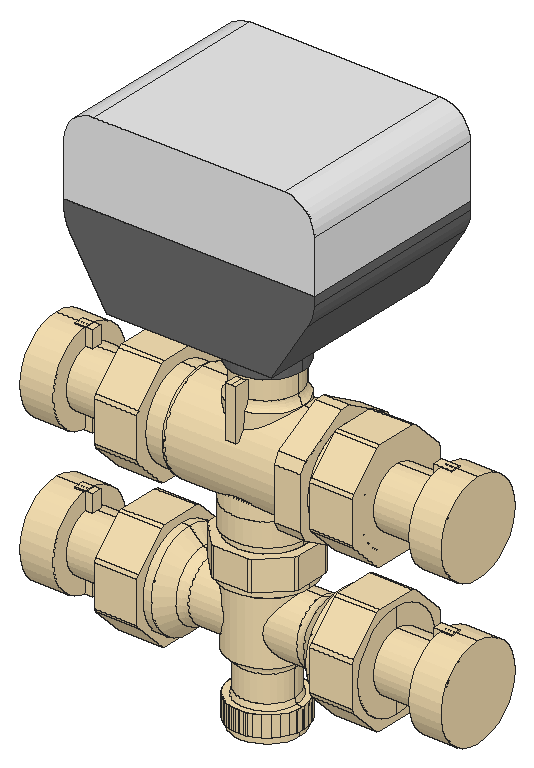
Revit family "2", category Pipe Accessories, Revit 2018
Family settings
  Round Connector Dimension = Use Diameter
  Part Type = Normal
  OmniClass Number = 23.65.00.00
  OmniClass Title = Supply and Distribution of Liquids and Gases
  Work Plane-Based = No
  Always vertical = No
  Cut with Voids When Loaded = No
  Shared = No
Parameters (values of type "1" - 3 ways By- Pass")
  Youtube clip = ""
  Weight Net (Kg) = "0"  # constant formula
  Voltage [instance] = 230 V
  Uniformat II Description = "HVAC"  # constant formula
  Uniformat II Code = "D30"  # constant formula
  Uniclass 2015 Name = "Heating, cooling and refrigeration systems"  # constant formula
  Uniclass 2015 Code = "Ss_60"  # constant formula
  Uniclass 2.0 Description = "Valves"  # constant formula
  Uniclass 2.0 Code = "PR-94"  # constant formula
  Uniclass 1.4 Description = "Valves"  # constant formula
  Uniclass 1.4 Code = "L7136"  # constant formula
  URL = "www.pintossi.it"
  UNSPSC Code = "401416"  # constant formula
  Torque = 800 mm  # constant formula
  Technical description = ""
  Rotation angle = "-10÷55°C"  # constant formula
  Region South America = "All"  # constant formula
  Region Oceania = "All"  # constant formula
  Region North America = "All"  # constant formula
  Region Middle East = "All"  # constant formula
  Region Europe = "All"  # constant formula
  Region Asia = "All"  # constant formula
  Region Antarctica = "All"  # constant formula
  Region Africa = "All"  # constant formula
  Radius outer = 15.568 mm
  Radius Outer 2 = 10 mm
  Radius [instance] = [Main Inlet/Outlet Diameter] / 2  # 12.7 mm
  QR code = ""
  Protection level = 90.00°  # constant formula
  Product url = ""
  Product group = "BALL ZONE VALVES"  # constant formula
  Product family = "ZONE VALVES"  # constant formula
  Product data url = "https://www.bimobject.com/pintossi/product/774-3-ways-ball-zone-valves-with-by-pass"
  Product certification = ""
  Product SKU = "774-3-WAYS-BALL-ZONE-VALVES-WITH-BY-PASS"  # constant formula
  Product Guid = "06f1bc2d-d4c5-47b8-9d1a-1f7f8913daef"  # constant formula
  PH: = "Between 7 and 8Between 7 and 8"  # constant formula
  OmniClass Description = "Valves"  # constant formula
  OmniClass Code = "23-27 31 00"  # constant formula
  NBS Reference Description = "Valves"  # constant formula
  NBS Reference Code = "94"  # constant formula
  Motorized [instance] = yes
  Model = "1\" - 3 ways By- Pass"
  Maximum working temperature = 110 °C  # constant formula
  Maximum working pressure = 10.0 bar  # constant formula
  Maximum percentage of glycol [%] = 30  # constant formula
  Material secondary = ""
  Material main = "Brass"  # constant formula
  Material White = Pintossi - Plastic - ABS
  Material Body = Pintossi - Metal - Brass CW617N
  Material Black = Pintossi - Plastic - Black ABS
  Masterformat 2014 Description = "Heatong , Ventilating, and Air Conditioning (HVAC)"  # constant formula
  Masterformat 2014 Code = "23 00 00"  # constant formula
  Manufacturer name = "Pintossi+C"  # constant formula
  Manufacturer country = "Italy"  # constant formula
  Manufacturer = "Pintossi+C"  # constant formula
  Main Inlet/Outlet Diameter = 25.4 mm
  Length 2 = 60.424 mm
  Length 1 = 71.5 mm
  Iron (FE): = "< 0,5 mg/kg (< 0,1 mg/kg for steam)"  # constant formula
  Installation instructions = ""
  IFC Classification = "Valve"  # constant formula
  Fluid aspect: = "Limpid"  # constant formula
  Edition number = 0
  EAN code = ""
  Design country = "Italy"  # constant formula
  Description = "Pintossi+C motorized zone valves are the perfect solution to be used when a thermal regulation divided in more enviroments is needed, connecting the valve to a room thermostat, giving the information of opening/closing, depending on the set temperature.\r\n\r\nPintossi+C zone valves garantuee high performance levels: reduced dimensions and ease of use during installation allow to automatically intercept the fluid in hydraulic water systems and zone heating systems.\r\n\r\nBesides the valve is equipped with APS (Anti-locking Pintossi System) a unique patented mechanism which prevent the opening and closing operation locking caused by dirt and limescale.\r\n\r\n3 ways motorized zone valve with by-pass tee can be used in traditional heating system together with coplanar manifolds without the need to install by-pass valve. The interaxis of the by pass connection can be adjust from 50mm to 60mm.\r\n\r\nAll the valves are equipped with pipe unions for an easy installation.\r\n\r\nMain features:\r\n\r\n- No seepage\r\n\r\n- Short opening and closing times\r\n\r\n- Operational capacity with high differential pressures\r\n\r\n- Low head losses thanks to the full bore flow\r\n\r\n- Match with any type of 3-contact controls\r\n\r\nThe valve can be easily motorized using Pintossi+C actuator art.770 that can be used even with manual option."  # constant formula
  Date of publishing = ""
  Copper (CU): = "< 0,1 mg/kg (< 0,05 mg/kg for steam)"  # constant formula
  Connector electrical [instance] = if(Motorized, "Motorized electrical", "Not Available")  # "Motorized electrical"
  Conditioning: = "as indicated by the producer"  # constant formula
  COBIe Type Category = ""
  C = 143 mm
  Brand url = "www.pintossi.it"
  BIMobject category = "HVAC: Other HVAC"  # constant formula
  Application fluids = "Water or glycol solutions"  # constant formula
  Antifreeze: = "Passiveted Propylene Glycol"  # constant formula
  1" = yes
Types (2, lengths in mm): name | Radius Outer 2 | Radius | Model | Main Inlet/Outlet Diameter | Length 2 | Length 1 | C | 1"
  3/4" - 3 ways By- Pass | 12 | 9.55 | "3/4\" - 3 ways By- Pass" | 19.1 | 66.5 | 66.5 | 133 | no
  1" - 3 ways By- Pass | 10 | 12.7 | "1\" - 3 ways By- Pass" | 25.4 | 60.424 | 71.5 | 143 | yes
Reference planes
  plane 1 "Center (Front/Back)": y = 0
  plane 2: z = 0
  plane 3 "Center (Left/Right)": x = 0
  plane 4: x = -71.5
  plane 5: x = -60.424
  plane 6: x = 71.5
  plane 7: x = 60.424
  plane 8: z = 84.5
  plane 9: z = 34.5
  plane 10: z = 124.5
  plane 11: z = 100.068
Forms (mm)
  Extrusion 1, solid, material "Pintossi - Metal - Brass CW617N" <- "Material Body", detail levels fine
    sketch origin (0, 0, 0) x (0, 1, 0) y (0, 0, 1)
      loop
        line (1.755, 105.432) -> (-1.755, 105.432) -> (-17.167, 96.534) -> (-19.021, 93.28) -> (-19.021, 75.597) -> (-17.246, 72.523) -> (-1.754, 63.579) -> (1.754, 63.579) -> (17.246, 72.523) -> (19, 75.561) -> (19, 93.482) -> (17.167, 96.534) -> (1.755, 105.432)
    from 17.751 to 26.674
  Extrusion 2, solid, material "Pintossi - Metal - Brass CW617N" <- "Material Body", detail levels fine
    sketch origin (0, 0, 50) x (0, 1, 0) y (0, 0, 1)
      loop
        line (18.5, 27.591) -> (18.5, 41.42) -> (17.971, 42.698) -> (8.192, 52.477) -> (6.915, 53.006) -> (-6.915, 53.006) -> (-8.192, 52.477) -> (-17.971, 42.698) -> (-18.5, 41.42) -> (-18.5, 27.591) -> (-17.971, 26.314) -> (-8.192, 16.535) -> (-6.915, 16.006) -> (6.915, 16.006) -> (8.192, 16.535) -> (17.993, 26.335) -> (18.5, 27.591)
    from 29.358 to 43.837
  Extrusion 3, solid, material "Pintossi - Metal - Brass CW617N" <- "Material Body", detail levels fine
    sketch origin (0, 0, 50) x (0, 1, 0) y (0, 0, -1)
      loop
        line (18.5, -27.591) -> (17.993, -26.335) -> (8.192, -16.535) -> (6.915, -16.006) -> (-6.915, -16.006) -> (-8.192, -16.535) -> (-17.971, -26.314) -> (-18.5, -27.591) -> (-18.5, -41.42) -> (-17.971, -42.698) -> (-8.192, -52.477) -> (-6.915, -53.006) -> (6.915, -53.006) -> (8.192, -52.477) -> (17.971, -42.698) -> (18.5, -41.42) -> (18.5, -27.591)
    from 29.358 to 43.837
  Revolve 4, solid, material "Pintossi - Metal - Brass CW617N" <- "Material Body", detail levels fine
    sketch origin (0, 0, 0) x (1, 0, 0) y (0, 0, 1)
      loop
        arc (-21.861, 100.961) -> (-22.769, 100.585) -> (-23.145, 99.677) r 1.283
        line (-23.145, 99.677) -> (-42.881, 99.677)
        arc (-42.881, 99.677) -> (-43.599, 99.38) -> (-43.897, 98.662) r 1.016
        line (-43.897, 98.662) -> (-43.897, 84.5) -> (43.805, 84.5) -> (43.805, 99.677) -> (28.35, 99.677) -> (26.674, 100.961) -> (17.751, 100.961) -> (-21.861, 100.961)
      axis (-43.897, 84.5) -> (43.805, 84.5)
    angle from 0 to 360
  Extrusion 5, solid, material "Pintossi - Metal - Brass CW617N" <- "Material Body", detail levels fine
    sketch origin (0, 0, 0) x (0, 1, 0) y (0, 0, 1)
      loop
        line (18.5, 27.591) -> (18.5, 41.42) -> (17.971, 42.698) -> (8.192, 52.477) -> (6.915, 53.006) -> (-6.915, 53.006) -> (-8.192, 52.477) -> (-17.971, 42.698) -> (-18.5, 41.42) -> (-18.5, 27.591) -> (-17.971, 26.314) -> (-8.192, 16.535) -> (-6.915, 16.006) -> (6.915, 16.006) -> (8.192, 16.535) -> (17.993, 26.335) -> (18.5, 27.591)
    from 29.358 to 43.837
  Extrusion 6, solid, material "Pintossi - Metal - Brass CW617N" <- "Material Body", detail levels fine
    sketch origin (0, 0, 0) x (0, 1, 0) y (0, 0, -1)
      loop
        line (18.5, -27.591) -> (17.993, -26.335) -> (8.192, -16.535) -> (6.915, -16.006) -> (-6.915, -16.006) -> (-8.192, -16.535) -> (-17.971, -26.314) -> (-18.5, -27.591) -> (-18.5, -41.42) -> (-17.971, -42.698) -> (-8.192, -52.477) -> (-6.915, -53.006) -> (6.915, -53.006) -> (8.192, -52.477) -> (17.971, -42.698) -> (18.5, -41.42) -> (18.5, -27.591)
    from 29.358 to 43.837
  Revolve 7, solid, material "Pintossi - Metal - Brass CW617N" <- "Material Body", detail levels fine
    sketch origin (0, 0, -50) x (1, 0, 0) y (0, 0, 1)
      loop
        line (-43.837, 100.835) -> (-43.837, 84.5) -> (43.837, 84.5) -> (43.837, 100.835) -> (26.27, 100.835) -> (21.781, 96.346)
        arc (21.781, 96.346) -> (20.173, 95.442) -> (18.355, 95.128) r 5.43
        line (18.355, 95.128) -> (0, 95.128) -> (-18.355, 95.128)
        arc (-18.355, 95.128) -> (-20.173, 95.442) -> (-21.781, 96.346) r 5.43
        line (-21.781, 96.346) -> (-26.27, 100.835) -> (-43.837, 100.835)
      axis (-43.837, 84.5) -> (43.837, 84.5)
    angle from 0 to 360
  Extrusion 8, solid, material "Pintossi - Metal - Brass CW617N" <- "Material Body", detail levels fine
    sketch origin (34.506, 0, 19.229) x (1, 0, 0) y (0, 1, 0)
      loop
        line (-28.772, 15.341) -> (-40.24, 15.341) -> (-41.299, 14.902) -> (-49.408, 6.793) -> (-49.847, 5.734) -> (-49.847, -5.734) -> (-49.408, -6.793) -> (-41.299, -14.902) -> (-40.24, -15.341) -> (-28.772, -15.341) -> (-27.713, -14.902) -> (-19.604, -6.793) -> (-19.165, -5.734) -> (-19.165, 5.734) -> (-19.604, 6.793) -> (-27.731, 14.92) -> (-28.772, 15.341)
    from 29.358 to 39.476
  Revolve 9, solid, material "Pintossi - Metal - Brass CW617N" <- "Material Body", detail levels fine
    sketch origin (0, 0, 0) x (1, 0, 0) y (0, 0, 1)
      loop
        line (-10.597, 120.439) -> (-10.597, 118.228) -> (-8.832, 118.228) -> (-8.832, 116.616) -> (-10.597, 115.598) -> (-10.597, 104.079)
        arc (-10.597, 104.079) -> (-11.012, 102.262) -> (-12.176, 100.805) r 4.184
        line (-12.176, 100.805) -> (-13.387, 68.773) -> (-13.387, 60.922) -> (-12.538, 60.922) -> (-12.538, 58.705) -> (-12.538, 48.587) -> (-14.566, 48.587) -> (-14.566, 46.277) -> (-8.13, 46.277) -> (-8.13, 44.896) -> (-12.538, 44.896) -> (-12.538, 23.661)
        arc (-12.538, 23.661) -> (-10.31, 22.582) -> (-9.408, 20.278) r 3.393
        line (-9.408, 20.278) -> (-9.408, 11.188) -> (-9.991, 9.329) -> (-12.196, 9.329) -> (-12.196, 2.361) -> (-11.173, 2.361) -> (-11.173, 0) -> (0, 0) -> (0, 124.5) -> (-5.864, 124.5)
        arc (-5.864, 124.5) -> (-7.384, 123.87) -> (-8.014, 122.349) r 2.151
        line (-8.014, 122.349) -> (-8.014, 120.439) -> (-10.597, 120.439)
      axis (0, 124.5) -> (0, 0)
    angle from 0 to 360
  Extrusion 10, solid, material "Pintossi - Metal - Brass CW617N" <- "Material Body", detail levels fine
    sketch origin (0, 0, 0) x (1, 0, 0) y (0, 1, 0)
      loop
        line (-1.704, 12.124) -> (-4.187, 11.504) -> (-6.488, 10.382) -> (-8.505, 8.807) -> (-10.15, 6.846) -> (-11.351, 4.586) -> (-12.057, 2.126) -> (-12.235, -0.427) -> (-11.879, -2.962) -> (-11.004, -5.367) -> (-9.647, -7.537) -> (-7.869, -9.378) -> (-5.748, -10.81) -> (-3.375, -11.768) -> (-0.854, -12.213) -> (1.704, -12.124) -> (4.187, -11.504) -> (6.488, -10.382) -> (8.505, -8.807) -> (10.15, -6.846) -> (11.351, -4.586) -> (12.057, -2.126) -> (12.235, 0.427) -> (11.879, 2.962) -> (11.004, 5.367) -> (9.647, 7.537) -> (7.869, 9.378) -> (5.748, 10.81) -> (3.375, 11.768) -> (0.854, 12.213) -> (-1.704, 12.124)
    from 2.361 to 9.329
  Extrusion 11, solid, material "Pintossi - Metal - Brass CW617N" <- "Material Body", detail levels fine
    sketch origin (0, 0, 0) x (1, 0, 0) y (0, 0, 1)
      loop
        line (-0.156, 109.5) -> (-1.748, 109.5) -> (-1.748, 92.168) -> (1.592, 92.168) -> (1.592, 109.5) -> (-0.156, 109.5)
    from -15.341 to 15.341
  Extrusion 12, solid, material "Pintossi - Metal - Brass CW617N" <- "Material Body", visible <- "1"", detail levels fine
    sketch origin (-5.312, 0, 0) x (1, 0, 0) y (0, 0, 1)
      loop
        line (-58.716, 100.068) -> (-58.716, 68.773) -> (-52.685, 68.773) -> (-52.685, 100.068) -> (-58.716, 100.068)
    from -1.704 to 1.704
  Extrusion 13, solid, material "Pintossi - Plastic - Black ABS" <- "Material Black", visible <- "Motorized", detail levels fine
    sketch origin (-1.592, 0, -13.161) x (1, 0, 0) y (0, 1, 0)
      loop
        circle (1.513, -0.015) r 12.093
    from 124.5 to 142.5
  Extrusion 14, solid, material "Pintossi - Plastic - ABS" <- "Material White", visible <- "Motorized", detail levels fine
    sketch origin (-7.354, 0, -13.161) x (1, 0, 0) y (0, 0, 1)
      loop
        arc (-24.933, 200.5) -> (-32.157, 197.507) -> (-35.15, 190.283) r 10.217
        line (-35.15, 190.283) -> (-35.15, 172.272) -> (49.858, 172.272) -> (49.858, 190.283)
        arc (49.858, 190.283) -> (46.866, 197.507) -> (39.641, 200.5) r 10.217
        line (39.641, 200.5) -> (-24.933, 200.5)
    from -33 to 33.076
  Extrusion 15, solid, material "Pintossi - Plastic - Black ABS" <- "Material Black", visible <- "Motorized", detail levels fine
    sketch origin (-5.762, 0, 0) x (1, 0, 0) y (0, 0, 1)
      loop
        line (-22.189, 129.339) -> (33.713, 129.339) -> (46.369, 149.593)
        arc (46.369, 149.593) -> (47.782, 152.769) -> (48.266, 156.21) r 12.487
        line (48.266, 156.21) -> (48.266, 159.111) -> (-36.742, 159.111) -> (-36.742, 156.21)
        arc (-36.742, 156.21) -> (-36.258, 152.769) -> (-34.845, 149.593) r 12.487
        line (-34.845, 149.593) -> (-22.189, 129.339)
    from -33 to 33.076
  Extrusion 16, solid, material "Pintossi - Plastic - Black ABS" <- "Material Black", visible <- "Motorized", detail levels fine
    sketch origin (0, 0, 0) x (1, 0, 0) y (0, 0, 1)
      loop
        circle (14.285, 139.455) r 5
    from -23.92 to -34.876
  Sweep 17, solid, material "Pintossi - Metal - Brass CW617N" <- "Material Body", visible <- "1"", detail levels fine
    path origin (0, 0, 0) x (1, 0, 0) y (0, 0, 1)
      loop
        line (-71.5, 84.5) -> (-60.424, 84.5)
    profile origin (-65.962, 0, 84.5) x (0, 0, 1) y (0, -1, 0)
      loop
        circle (0, 0) r 15.568
  Sweep 18, solid, material "Pintossi - Metal - Brass CW617N" <- "Material Body", detail levels fine
    path origin (0, 0, 0) x (1, 0, 0) y (0, 0, 1)
      loop
        line (-43.837, 84.5) -> (-60.424, 84.5)
    profile origin (-52.131, 0, 84.5) x (0, 0, -1) y (0, -1, 0)
      loop
        circle (0, 0) r 10
  Extrusion 19, solid, material "Pintossi - Metal - Brass CW617N" <- "Material Body", visible <- "1"", detail levels fine
    sketch origin (5.312, 0, 0) x (-1, 0, 0) y (0, 0, -1)
      loop
        line (-58.716, -100.068) -> (-52.685, -100.068) -> (-52.685, -68.773) -> (-58.716, -68.773) -> (-58.716, -100.068)
    from -1.704 to 1.704
  Sweep 20, solid, material "Pintossi - Metal - Brass CW617N" <- "Material Body", visible <- "1"", detail levels fine
    path origin (0, 0, 0) x (-1, 0, 0) y (0, 0, 1)
      loop
        line (-71.5, 84.5) -> (-60.424, 84.5)
    profile origin (65.962, 0, 84.5) x (0, 0, -1) y (0, -1, 0)
      loop
        circle (0, 0) r 15.568
  Sweep 21, solid, material "Pintossi - Metal - Brass CW617N" <- "Material Body", detail levels fine
    path origin (0, 0, 0) x (-1, 0, 0) y (0, 0, 1)
      loop
        line (-43.837, 84.5) -> (-60.424, 84.5)
    profile origin (52.131, 0, 84.5) x (0, 0, 1) y (0, -1, 0)
      loop
        circle (0, 0) r 10
  Extrusion 22, solid, material "Pintossi - Metal - Brass CW617N" <- "Material Body", visible <- "1"", detail levels fine
    sketch origin (-5.313, 0, -50) x (1, 0, 0) y (0, 0, 1)
      loop
        line (-58.716, 100.068) -> (-58.716, 68.773) -> (-52.685, 68.773) -> (-52.685, 100.068) -> (-58.716, 100.068)
    from -1.704 to 1.704
  Sweep 23, solid, material "Pintossi - Metal - Brass CW617N" <- "Material Body", visible <- "1"", detail levels fine
    path origin (0, 0, -50) x (1, 0, 0) y (0, 0, 1)
      loop
        line (-71.5, 84.5) -> (-60.424, 84.5)
    profile origin (-65.962, 0, 34.5) x (0, 0, 1) y (0, -1, 0)
      loop
        circle (0, 0) r 15.568
  Sweep 24, solid, material "Pintossi - Metal - Brass CW617N" <- "Material Body", detail levels fine
    path origin (0, 0, -50) x (1, 0, 0) y (0, 0, 1)
      loop
        line (-43.837, 84.5) -> (-60.424, 84.5)
    profile origin (-52.131, 0, 34.5) x (0, 0, -1) y (0, -1, 0)
      loop
        circle (0, 0) r 10
  Extrusion 25, solid, material "Pintossi - Metal - Brass CW617N" <- "Material Body", visible <- "1"", detail levels fine
    sketch origin (5.313, 0, -50) x (-1, 0, 0) y (0, 0, -1)
      loop
        line (-58.716, -100.068) -> (-52.685, -100.068) -> (-52.685, -68.773) -> (-58.716, -68.773) -> (-58.716, -100.068)
    from -1.704 to 1.704
  Sweep 26, solid, material "Pintossi - Metal - Brass CW617N" <- "Material Body", visible <- "1"", detail levels fine
    path origin (0, 0, -50) x (-1, 0, 0) y (0, 0, 1)
      loop
        line (-71.5, 84.5) -> (-60.424, 84.5)
    profile origin (65.962, 0, 34.5) x (0, 0, -1) y (0, -1, 0)
      loop
        circle (0, 0) r 15.568
  Sweep 27, solid, material "Pintossi - Metal - Brass CW617N" <- "Material Body", detail levels fine
    path origin (0, 0, -50) x (-1, 0, 0) y (0, 0, 1)
      loop
        line (-43.837, 84.5) -> (-60.424, 84.5)
    profile origin (52.131, 0, 34.5) x (0, 0, 1) y (0, -1, 0)
      loop
        circle (0, 0) r 10
Lines and regions (mm)
  model lines, visible <- "Motorized", detail levels coarse+medium
    curve 1: line (0, 0, 99.5) -> (0, 0, 77.25)
    curve 11: line (50, 0, 99.5) -> (-50, 0, 99.5)
    curve 12: line (-50, 0, 99.5) -> (-50, 0, 124.5)
    curve 13: line (-50, 0, 124.5) -> (50, 0, 124.5)
    curve 14: line (50, 0, 99.5) -> (50, 0, 124.5)
  model lines, detail levels coarse+medium
    curve 2: line (-7.5, 0, 49.26) -> (-35.94, 0, 0)
    curve 3: line (-35.94, 0, 0) -> (35.94, 0, 0)
    curve 4: line (7.5, 0, 49.26) -> (35.94, 0, 0)
    curve 5: line (-12.99, 0, 69.75) -> (-71.5, 0, 103.531)
    curve 6: line (-71.5, 0, 103.531) -> (-71.5, 0, 20.969)
    curve 7: line (-12.99, 0, 54.75) -> (-71.5, 0, 20.969)
    curve 8: line (12.99, 0, 69.75) -> (71.5, 0, 103.531)
    curve 9: line (71.5, 0, 103.531) -> (71.5, 0, 20.969)
    curve 10: line (12.99, 0, 54.75) -> (71.5, 0, 20.969)
    curve 32: circle (0, 0, 62.25) r 15 normal (0, -1, 0)
  symbolic lines
    curve 15: line (-7.905, -14.261, 0) -> (-38.785, -69.97, 0)
    curve 16: line (-38.785, -69.97, 0) -> (38.785, -69.97, 0)
    curve 17: line (7.905, -14.261, 0) -> (38.785, -69.97, 0)
    curve 18: line (-14.001, 8.358, 0) -> (-69.97, 38.785, 0)
    curve 19: line (-69.97, 38.785, 0) -> (-69.97, -38.785, 0)
    curve 20: line (-14.001, -8.358, 0) -> (-69.97, -38.785, 0)
    curve 21: line (14.001, 8.358, 0) -> (69.97, 38.785, 0)
    curve 22: line (69.97, 38.785, 0) -> (69.97, -38.785, 0)
    curve 23: line (14.001, -8.358, 0) -> (69.97, -38.785, 0)
    curve 31: circle (0, 0, 0) r 16.306 normal (0, 0, 1)
  symbolic lines, visible <- "Motorized"
    curve 24: line (0, 16.306, 0) -> (0, 52.024, 0)
    curve 25: line (0, 52.024, 0) -> (-50, 52.024, 0)
    curve 26: line (-50, 52.024, 0) -> (-50, 83.274, 0)
    curve 27: line (-50, 83.274, 0) -> (0, 83.274, 0)
    curve 28: line (0, 52.024, 0) -> (50, 52.024, 0)
    curve 29: line (50, 52.024, 0) -> (50, 83.274, 0)
    curve 30: line (50, 83.274, 0) -> (0, 83.274, 0)
Dimensions and locks
  "Length 1": plane 3 "Center (Left/Right)" to plane 4
  "Length 1": plane 6 to plane 3 "Center (Left/Right)"
  "Length 2": plane 5 to plane 3 "Center (Left/Right)"
  "Length 2": plane 7 to plane 3 "Center (Left/Right)"
  locked: Sweep 17 sketch curve to Sweep 17 sketch curve at 11.076
  locked: Sweep 23 sketch curve to Sweep 23 sketch curve at 11.076
  locked: Sweep 20 sketch curve to Sweep 20 sketch curve at 11.076
  locked: Sweep 26 sketch curve to Sweep 26 sketch curve at 11.076
  locked: Extrusion 15 sketch curve to Extrusion 15 sketch curve at 55.901
  equal spacing: Extrusion 15 sketch curve, plane 3 "Center (Left/Right)", Extrusion 15 sketch curve
  locked: Extrusion 14 sketch curve to Extrusion 14 sketch curve at 85.008
  equal spacing: Extrusion 14 sketch curve, plane 3 "Center (Left/Right)", Extrusion 14 sketch curve
  "Radius outer": radius of Sweep 17 sketch curve
  "Radius Outer 2": radius of Sweep 18 sketch curve
  "Radius outer": radius of Sweep 20 sketch curve
  "Radius Outer 2": radius of Sweep 21 sketch curve
  "Radius outer": radius of Sweep 23 sketch curve
  "Radius Outer 2": radius of Sweep 24 sketch curve
  "Radius outer": radius of Sweep 26 sketch curve
  "Radius Outer 2": radius of Sweep 27 sketch curve
  aligned and locked: level to plane 2
  aligned and locked: plane 4 to Sweep 17 sketch curve
  aligned and locked: plane 8 to Sweep 17 sketch curve
  aligned and locked: plane 5 to Sweep 18 sketch curve
  aligned and locked: Extrusion 3 to Sweep 18 sketch curve
  aligned and locked: Sweep 18 sketch curve to plane 8
  aligned and locked: Extrusion 2 to Sweep 21 sketch curve
  aligned and locked: plane 7 to Sweep 21 sketch curve
  aligned and locked: plane 4 to Sweep 23 sketch curve
  aligned and locked: plane 5 to Sweep 24 sketch curve
  aligned and locked: Extrusion 6 to Sweep 24 sketch curve
  aligned and locked: plane 7 to Sweep 27 sketch curve
  aligned and locked: Extrusion 5 to Sweep 27 sketch curve
  aligned and locked: plane 6 to Sweep 20 sketch curve
  aligned and locked: plane 6 to Sweep 26 sketch curve
  aligned and locked: curve 6 to plane 4
  aligned and locked: plane 6 to curve 9
Automatic sketch dimensions
  curve 13 to plane 10 = 0 mm
  curve 2 to level = 0 mm
  curve 32 to plane 3 "Center (Left/Right)" = 0 mm
  curve 1 to plane 3 "Center (Left/Right)" = 0 mm
  curve 3 to plane 5 = 24.484 mm
  curve 11 to plane 11 = 0.568 mm
  curve 11 to plane 5 = 10.424 mm
  curve 3 to plane 7 = 24.484 mm
  curve 11 to plane 7 = 10.424 mm
  plane 9 to curve 6 = 13.531 mm
  plane 9 to curve 10 = 13.531 mm
  plane 8 to curve 32 = 22.25 mm
  plane 11 to curve 6 = 3.462 mm
  plane 11 to curve 9 = 3.462 mm
  curve 2 to plane 3 "Center (Left/Right)" = 7.5 mm
  curve 5 to plane 3 "Center (Left/Right)" = 12.99 mm
  curve 7 to curve 2 = 5.49 mm
  plane 3 "Center (Left/Right)" to curve 4 = 7.5 mm
  curve 4 to curve 10 = 5.49 mm
  plane 3 "Center (Left/Right)" to curve 8 = 12.99 mm
  curve 4 to plane 9 = 14.76 mm
  curve 30 to plane 3 "Center (Left/Right)" = 0 mm
  curve 28 to plane 3 "Center (Left/Right)" = 0 mm
  plane 1 "Center (Front/Back)" to curve 31 = 0 mm
  curve 31 to plane 3 "Center (Left/Right)" = 0 mm
  curve 15 to plane 5 = 21.64 mm
  curve 26 to plane 5 = 10.424 mm
  plane 4 to curve 19 = 1.53 mm
  curve 17 to plane 7 = 21.64 mm
  curve 30 to plane 7 = 10.424 mm
  plane 6 to curve 22 = 1.53 mm
  plane 1 "Center (Front/Back)" to curve 22 = 38.785 mm
  plane 1 "Center (Front/Back)" to curve 20 = 38.785 mm
  curve 17 to curve 22 = 31.185 mm
  curve 22 to plane 1 "Center (Front/Back)" = 38.785 mm
  curve 18 to plane 1 "Center (Front/Back)" = 38.785 mm
  curve 18 to curve 25 = 13.239 mm
  curve 25 to curve 26 = 31.25 mm
  curve 15 to plane 3 "Center (Left/Right)" = 7.905 mm
  curve 18 to plane 3 "Center (Left/Right)" = 14.001 mm
  plane 1 "Center (Front/Back)" to curve 20 = 8.358 mm
  curve 20 to curve 15 = 6.096 mm
  plane 3 "Center (Left/Right)" to curve 17 = 7.905 mm
  plane 1 "Center (Front/Back)" to curve 23 = 8.358 mm
  curve 21 to plane 1 "Center (Front/Back)" = 8.358 mm
  Extrusion 1 sketch curve to plane 11 = 6.788 mm
  plane 1 "Center (Front/Back)" to Extrusion 1 sketch curve = 19.021 mm
  Extrusion 1 sketch curve to Extrusion 1 sketch curve = 1.775 mm
  Extrusion 1 sketch curve to plane 11 = 3.534 mm  (x2)
  Extrusion 1 sketch curve to Extrusion 1 sketch curve = 1.854 mm
  plane 1 "Center (Front/Back)" to Extrusion 1 sketch curve = 1.755 mm
  plane 1 "Center (Front/Back)" to Extrusion 1 sketch curve = 1.754 mm
  Extrusion 1 sketch curve to plane 1 "Center (Front/Back)" = 1.754 mm
  Extrusion 1 sketch curve to plane 1 "Center (Front/Back)" = 1.755 mm
  Extrusion 1 sketch curve to plane 1 "Center (Front/Back)" = 17.167 mm
  Extrusion 1 sketch curve to plane 1 "Center (Front/Back)" = 17.246 mm
  Extrusion 1 sketch curve to plane 11 = 6.586 mm
  Extrusion 1 sketch curve to Extrusion 1 sketch curve = 1.833 mm
  plane 8 to Extrusion 1 sketch curve = 8.903 mm
  plane 8 to Extrusion 1 sketch curve = 8.939 mm
  Extrusion 1 sketch curve to Extrusion 1 sketch curve = 3.038 mm
  Extrusion 1 sketch curve to Extrusion 1 sketch curve = 3.074 mm
  Extrusion 1 sketch curve to Extrusion 1 sketch curve = 8.944 mm
  plane 11 to Extrusion 1 sketch curve = 5.364 mm
  plane 8 to Extrusion 2 sketch curve = 6.909 mm
  plane 1 "Center (Front/Back)" to Extrusion 2 sketch curve = 18.5 mm
  plane 8 to Extrusion 2 sketch curve = 8.186 mm
  Extrusion 2 sketch curve to Extrusion 2 sketch curve = 0.529 mm  (x4)
  Extrusion 2 sketch curve to plane 11 = 7.371 mm  (x2)
  plane 11 to Extrusion 2 sketch curve = 2.408 mm  (x2)
  plane 1 "Center (Front/Back)" to Extrusion 2 sketch curve = 8.192 mm  (x2)
  Extrusion 2 sketch curve to Extrusion 2 sketch curve = 1.277 mm  (x5)
  plane 11 to Extrusion 2 sketch curve = 2.937 mm
  Extrusion 2 sketch curve to plane 1 "Center (Front/Back)" = 6.915 mm  (x2)
  Extrusion 2 sketch curve to Extrusion 2 sketch curve = 9.779 mm  (x2)
  plane 8 to Extrusion 2 sketch curve = 8.165 mm
  Extrusion 2 sketch curve to Extrusion 2 sketch curve = 9.801 mm  (x2)
  Extrusion 2 sketch curve to plane 8 = 6.92 mm
  Extrusion 2 sketch curve to Extrusion 2 sketch curve = 1.256 mm
  plane 8 to Extrusion 3 sketch curve = 6.909 mm
  plane 1 "Center (Front/Back)" to Extrusion 3 sketch curve = 18.5 mm
  plane 8 to Extrusion 3 sketch curve = 8.186 mm
  Extrusion 3 sketch curve to Extrusion 3 sketch curve = 0.529 mm  (x4)
  Extrusion 3 sketch curve to plane 11 = 7.371 mm  (x2)
  plane 11 to Extrusion 3 sketch curve = 2.408 mm  (x2)
  plane 1 "Center (Front/Back)" to Extrusion 3 sketch curve = 8.192 mm  (x2)
  Extrusion 3 sketch curve to Extrusion 3 sketch curve = 1.277 mm  (x5)
  plane 11 to Extrusion 3 sketch curve = 2.937 mm
  Extrusion 3 sketch curve to plane 1 "Center (Front/Back)" = 6.915 mm  (x2)
  Extrusion 3 sketch curve to Extrusion 3 sketch curve = 9.779 mm  (x2)
  plane 8 to Extrusion 3 sketch curve = 8.165 mm
  Extrusion 3 sketch curve to Extrusion 3 sketch curve = 9.801 mm  (x2)
  Extrusion 3 sketch curve to plane 8 = 6.92 mm
  Extrusion 3 sketch curve to Extrusion 3 sketch curve = 1.256 mm
  Revolve 4 sketch curve to plane 8 = 0 mm  (x2)
  Revolve 4 sketch curve to plane 5 = 16.528 mm
  Revolve 4 sketch curve to plane 11 = 0.391 mm  (x2)
  Revolve 4 sketch curve to Revolve 4 sketch curve = 1.016 mm
  Revolve 4 sketch curve to Revolve 4 sketch curve = 19.736 mm
  Revolve 4 sketch curve to Revolve 4 sketch curve = 1.283 mm
  plane 3 "Center (Left/Right)" to Revolve 4 sketch curve = 17.751 mm
  Revolve 4 sketch curve to Revolve 4 sketch curve = 8.922 mm
  Revolve 4 sketch curve to Revolve 4 sketch curve = 1.676 mm
  Revolve 4 sketch curve to plane 7 = 16.619 mm
  Revolve 4 sketch curve to Revolve 4 sketch curve = 0 mm
  Revolve 4 sketch curve to plane 6 = 43.504 mm
  plane 9 to Extrusion 5 sketch curve = 6.909 mm
  plane 1 "Center (Front/Back)" to Extrusion 5 sketch curve = 18.5 mm
  plane 9 to Extrusion 5 sketch curve = 8.186 mm
  Extrusion 5 sketch curve to Extrusion 5 sketch curve = 0.529 mm  (x5)
  Extrusion 5 sketch curve to plane 9 = 8.198 mm  (x2)
  plane 1 "Center (Front/Back)" to Extrusion 5 sketch curve = 8.192 mm  (x2)
  Extrusion 5 sketch curve to Extrusion 5 sketch curve = 1.277 mm  (x5)
  Extrusion 5 sketch curve to plane 1 "Center (Front/Back)" = 6.915 mm  (x2)
  Extrusion 5 sketch curve to Extrusion 5 sketch curve = 9.779 mm  (x4)
  plane 9 to Extrusion 5 sketch curve = 8.165 mm
  Extrusion 5 sketch curve to Extrusion 5 sketch curve = 9.801 mm  (x2)
  Extrusion 5 sketch curve to plane 9 = 6.92 mm
  Extrusion 5 sketch curve to Extrusion 5 sketch curve = 1.256 mm
  plane 9 to Extrusion 6 sketch curve = 6.909 mm
  plane 1 "Center (Front/Back)" to Extrusion 6 sketch curve = 18.5 mm
  plane 9 to Extrusion 6 sketch curve = 8.186 mm
  Extrusion 6 sketch curve to Extrusion 6 sketch curve = 0.529 mm  (x5)
  Extrusion 6 sketch curve to plane 9 = 8.198 mm  (x2)
  plane 1 "Center (Front/Back)" to Extrusion 6 sketch curve = 8.192 mm  (x2)
  Extrusion 6 sketch curve to Extrusion 6 sketch curve = 1.277 mm  (x5)
  Extrusion 6 sketch curve to plane 1 "Center (Front/Back)" = 6.915 mm  (x2)
  Extrusion 6 sketch curve to Extrusion 6 sketch curve = 9.779 mm  (x4)
  plane 9 to Extrusion 6 sketch curve = 8.165 mm
  Extrusion 6 sketch curve to Extrusion 6 sketch curve = 9.801 mm  (x2)
  Extrusion 6 sketch curve to plane 9 = 6.92 mm
  Extrusion 6 sketch curve to Extrusion 6 sketch curve = 1.256 mm
  Revolve 7 sketch curve to plane 4 = 0 mm
  Revolve 7 sketch curve to plane 9 = 0 mm  (x2)
  Revolve 7 sketch curve to plane 3 "Center (Left/Right)" = 0 mm
  Revolve 7 sketch curve to plane 5 = 16.587 mm
  Revolve 7 sketch curve to Revolve 7 sketch curve = 17.567 mm
  Revolve 7 sketch curve to plane 9 = 11.846 mm  (x2)
  Revolve 7 sketch curve to Revolve 7 sketch curve = 4.489 mm  (x3)
  Revolve 7 sketch curve to Revolve 7 sketch curve = 3.426 mm  (x2)
  plane 3 "Center (Left/Right)" to Revolve 7 sketch curve = 18.355 mm
  Revolve 7 sketch curve to plane 7 = 16.587 mm
  Revolve 7 sketch curve to Revolve 7 sketch curve = 1.218 mm
  Revolve 7 sketch curve to Revolve 7 sketch curve = 16.335 mm
  Revolve 7 sketch curve to plane 6 = 43.504 mm
  Extrusion 8 sketch curve to plane 1 "Center (Front/Back)" = 5.734 mm  (x2)
  Extrusion 8 sketch curve to plane 3 "Center (Left/Right)" = 15.341 mm
  Extrusion 8 sketch curve to plane 1 "Center (Front/Back)" = 6.793 mm  (x2)
  Extrusion 8 sketch curve to Extrusion 8 sketch curve = 0.439 mm  (x5)
  plane 1 "Center (Front/Back)" to Extrusion 8 sketch curve = 6.793 mm  (x2)
  Extrusion 8 sketch curve to plane 3 "Center (Left/Right)" = 6.793 mm  (x2)
  Extrusion 8 sketch curve to Extrusion 8 sketch curve = 1.059 mm  (x5)
  plane 3 "Center (Left/Right)" to Extrusion 8 sketch curve = 5.734 mm  (x2)
  Extrusion 8 sketch curve to Extrusion 8 sketch curve = 1.041 mm
  Extrusion 8 sketch curve to Extrusion 8 sketch curve = 8.127 mm  (x2)
  Extrusion 8 sketch curve to Extrusion 8 sketch curve = 8.109 mm  (x4)
  Revolve 9 sketch curve to level = 0 mm
  Revolve 9 sketch curve to plane 10 = 0 mm
  Revolve 9 sketch curve to plane 3 "Center (Left/Right)" = 0 mm  (x2)
  plane 10 to Revolve 9 sketch curve = 2.151 mm
  Revolve 9 sketch curve to plane 3 "Center (Left/Right)" = 5.864 mm
  Revolve 9 sketch curve to plane 3 "Center (Left/Right)" = 8.13 mm
  Revolve 9 sketch curve to Revolve 9 sketch curve = 0.818 mm
  Revolve 9 sketch curve to plane 3 "Center (Left/Right)" = 9.408 mm
  Revolve 9 sketch curve to Revolve 9 sketch curve = 0.583 mm
  Revolve 9 sketch curve to plane 3 "Center (Left/Right)" = 10.597 mm
  Revolve 9 sketch curve to Revolve 9 sketch curve = 1.764 mm
  Revolve 9 sketch curve to Revolve 9 sketch curve = 1.183 mm
  plane 11 to Revolve 9 sketch curve = 0.737 mm
  Revolve 9 sketch curve to Revolve 9 sketch curve = 1.579 mm
  Revolve 9 sketch curve to Revolve 9 sketch curve = 2.205 mm
  Revolve 9 sketch curve to Revolve 9 sketch curve = 4.407 mm
  Revolve 9 sketch curve to Revolve 9 sketch curve = 3.13 mm
  Revolve 9 sketch curve to Revolve 9 sketch curve = 0.263 mm
  Revolve 9 sketch curve to Revolve 9 sketch curve = 0.849 mm
  Revolve 9 sketch curve to Revolve 9 sketch curve = 2.028 mm
  plane 11 to Revolve 9 sketch curve = 4.011 mm
  level to Revolve 9 sketch curve = 2.361 mm
  Revolve 9 sketch curve to Revolve 9 sketch curve = 6.968 mm
  Revolve 9 sketch curve to Revolve 9 sketch curve = 1.859 mm
  Revolve 9 sketch curve to Revolve 9 sketch curve = 9.09 mm
  Revolve 9 sketch curve to plane 9 = 10.396 mm
  Revolve 9 sketch curve to Revolve 9 sketch curve = 1.381 mm
  Revolve 9 sketch curve to Revolve 9 sketch curve = 2.31 mm
  Revolve 9 sketch curve to Revolve 9 sketch curve = 10.119 mm
  Revolve 9 sketch curve to Revolve 9 sketch curve = 2.217 mm
  Revolve 9 sketch curve to Revolve 9 sketch curve = 7.851 mm
  Revolve 9 sketch curve to Revolve 9 sketch curve = 6.751 mm
  Revolve 9 sketch curve to Revolve 9 sketch curve = 1.019 mm
  Revolve 9 sketch curve to Revolve 9 sketch curve = 1.612 mm
  Revolve 9 sketch curve to Revolve 9 sketch curve = 2.211 mm
  Revolve 9 sketch curve to level = 13.78 mm
  Revolve 9 sketch curve to Revolve 9 sketch curve = 3.777 mm
  Extrusion 11 sketch curve to plane 3 "Center (Left/Right)" = 1.748 mm
  Extrusion 11 sketch curve to plane 3 "Center (Left/Right)" = 0.156 mm
  plane 3 "Center (Left/Right)" to Extrusion 11 sketch curve = 1.592 mm
  Extrusion 11 sketch curve to plane 8 = 7.668 mm
  plane 11 to Extrusion 11 sketch curve = 9.432 mm
  Extrusion 12 sketch curve to plane 11 = 0 mm
  plane 5 to Extrusion 12 sketch curve = 3.604 mm
  Extrusion 12 sketch curve to plane 5 = 2.427 mm
  plane 8 to Extrusion 12 sketch curve = 15.727 mm
  plane 1 "Center (Front/Back)" to Extrusion 13 sketch curve = 0.015 mm
  Extrusion 13 sketch curve to plane 3 "Center (Left/Right)" = 0.079 mm
  Extrusion 14 sketch curve to Extrusion 14 sketch curve = 10.217 mm  (x2)
  Extrusion 14 sketch curve to plane 10 = 34.611 mm
  Extrusion 14 sketch curve to Extrusion 14 sketch curve = 18.011 mm
  Extrusion 15 sketch curve to Extrusion 15 sketch curve = 1.897 mm  (x2)
  Extrusion 15 sketch curve to Extrusion 15 sketch curve = 12.487 mm
  Extrusion 15 sketch curve to plane 10 = 4.839 mm
  Extrusion 15 sketch curve to Extrusion 15 sketch curve = 12.656 mm
  Extrusion 15 sketch curve to Extrusion 15 sketch curve = 2.067 mm
  Extrusion 15 sketch curve to Extrusion 15 sketch curve = 10.589 mm
  Extrusion 15 sketch curve to Extrusion 15 sketch curve = 20.254 mm  (x2)
  Extrusion 15 sketch curve to Extrusion 15 sketch curve = 2.901 mm
  plane 3 "Center (Left/Right)" to Extrusion 16 sketch curve = 14.285 mm
  Extrusion 16 sketch curve to plane 10 = 14.955 mm
  Extrusion 19 sketch curve to plane 11 = 0 mm
  Extrusion 19 sketch curve to plane 7 = 3.604 mm
  plane 7 to Extrusion 19 sketch curve = 2.427 mm
  Extrusion 19 sketch curve to plane 8 = 15.727 mm
  Sweep 21 sketch curve to plane 8 = 0 mm
  plane 5 to Extrusion 22 sketch curve = 3.604 mm
  Extrusion 22 sketch curve to plane 5 = 2.427 mm
  plane 9 to Extrusion 22 sketch curve = 15.727 mm
  Extrusion 22 sketch curve to plane 9 = 15.568 mm
  Sweep 24 sketch curve to plane 9 = 0 mm
  Extrusion 25 sketch curve to plane 7 = 3.604 mm
  plane 7 to Extrusion 25 sketch curve = 2.427 mm
  Extrusion 25 sketch curve to plane 9 = 15.727 mm
  plane 9 to Extrusion 25 sketch curve = 15.568 mm
  Sweep 27 sketch curve to plane 9 = 0 mm
  Sweep 23 sketch curve to plane 9 = 0 mm
  Sweep 20 sketch curve to plane 8 = 0 mm
  Sweep 26 sketch curve to plane 9 = 0 mm
  Sweep 17 sketch curve to plane 1 "Center (Front/Back)" = 0 mm
  profile plane to Sweep 17 sketch curve = 0 mm
  Sweep 18 sketch curve to plane 1 "Center (Front/Back)" = 0 mm
  Sweep 18 sketch curve to profile plane = 0 mm
  Sweep 20 sketch curve to plane 1 "Center (Front/Back)" = 0 mm
  Sweep 20 sketch curve to profile plane = 0 mm
  Sweep 21 sketch curve to plane 1 "Center (Front/Back)" = 0 mm
  profile plane to Sweep 21 sketch curve = 0 mm
  Sweep 23 sketch curve to plane 1 "Center (Front/Back)" = 0 mm
  profile plane to Sweep 23 sketch curve = 0 mm
  Sweep 24 sketch curve to plane 1 "Center (Front/Back)" = 0 mm
  Sweep 24 sketch curve to profile plane = 0 mm
  Sweep 26 sketch curve to plane 1 "Center (Front/Back)" = 0 mm
  Sweep 26 sketch curve to profile plane = 0 mm
  Sweep 27 sketch curve to plane 1 "Center (Front/Back)" = 0 mm
  profile plane to Sweep 27 sketch curve = 0 mm
  radius of Extrusion 13 sketch curve = 12.093 mm
  radius of Extrusion 16 sketch curve = 5 mm
Connectors
  electrical at (14.285, 34.876, 139.455), driven by "Voltage", driven by "Connector electrical"
    settings: on Extrusion 16, index 5, voltage 230 V, apparent load 0 VA, apparent load phase1 0 VA, apparent load phase2 0 VA, apparent load phase3 0 VA, power factor 1, load classification "Other", number of poles 1, system type 30, power factor state 1, is connector primary yes, connector utility no, sub classification motor no, connector description "Motorized electrical"
  piping at (-71.5, 0, 84.5), diameter 25.4, driven by "Main Inlet/Outlet Diameter"
    settings: on Sweep 17, index 6, connector inside diameter 609.6 mm, connector length 0 mm, flow factor 0, pipe flow 0.0 L/s, pressure drop 0.0 bar, fitting loss kfactor 0, connector angle 0.00°, fixture units 0, engagement length 0 mm, angle of deflection 0.00°, flow configuration 0, flow direction 0, fitting loss method 0, system type 29, joint type 0, gender type 0, connector reference index -1, connector utility 0, adjustable connector no, is connector primary yes, connector description ""
  piping at (-71.5, 0, 34.5), diameter 25.4, driven by "Main Inlet/Outlet Diameter"
    settings: on Sweep 23, index 7, connector inside diameter 609.6 mm, connector length 0 mm, flow factor 0, pipe flow 0.0 L/s, pressure drop 0.0 bar, fitting loss kfactor 0, connector angle 0.00°, fixture units 0, engagement length 0 mm, angle of deflection 0.00°, flow configuration 0, flow direction 0, fitting loss method 0, system type 29, joint type 0, gender type 0, connector reference index -1, connector utility 0, adjustable connector no, is connector primary no, connector description ""
  piping at (71.5, 0, 34.5), diameter 25.4, driven by "Main Inlet/Outlet Diameter"
    settings: on Sweep 26, index 8, connector inside diameter 609.6 mm, connector length 0 mm, flow factor 0, pipe flow 0.0 L/s, pressure drop 0.0 bar, fitting loss kfactor 0, connector angle 0.00°, fixture units 0, engagement length 0 mm, angle of deflection 0.00°, flow configuration 0, flow direction 0, fitting loss method 0, system type 29, joint type 0, gender type 0, connector reference index -1, connector utility 0, adjustable connector no, is connector primary no, connector description ""
  piping at (71.5, 0, 84.5), diameter 25.4, driven by "Main Inlet/Outlet Diameter"
    settings: on Sweep 20, index 9, connector inside diameter 609.6 mm, connector length 0 mm, flow factor 0, pipe flow 0.0 L/s, pressure drop 0.0 bar, fitting loss kfactor 0, connector angle 0.00°, fixture units 0, engagement length 0 mm, angle of deflection 0.00°, flow configuration 0, flow direction 0, fitting loss method 0, system type 29, joint type 0, gender type 0, connector reference index -1, connector utility 0, adjustable connector no, is connector primary no, connector description ""
